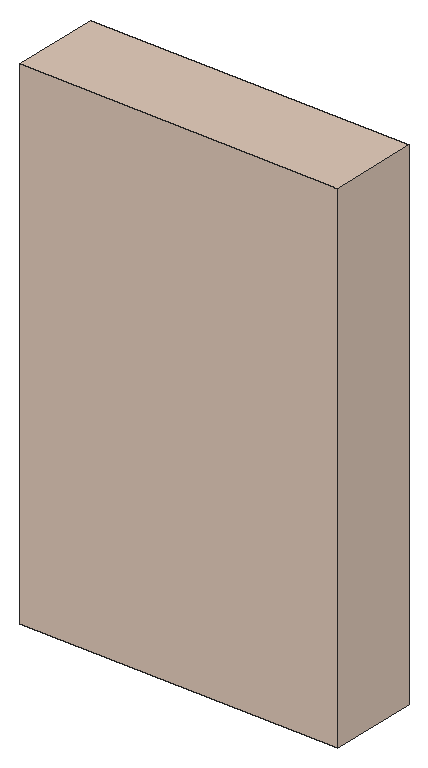
Revit family "Niche_NobleCompany_301_314", category Generic Models, host Wall, Revit 2017
Family settings
  Host = Wall
  Can host rebar = No
  Round Connector Dimension = Use Diameter
  Part Type = Normal
  Always vertical = Yes
  Cut with Voids When Loaded = No
  Shared = No
  Room Calculation Point = No
Parameters (values of type "314 Rectangular")
  Width = 1' - 2 1/4"
  URL = "www.noblecompany.com"
  Thickness = 0' - 1 1/4"
  Specification = ""
  Sales Information = "http://noblecompany.com/contact/"
  Revision = "R1_09-2016"
  Product Properties = "http://noblecompany.com/products/noble-niches"
  Product Data = "http://www.arcat.com/arcatcos/cos34/arc34489.html"
  Niche Material = Acrylic Polymer Finish
  Model = "314"
  Manufacturer Website = "www.noblecompany.com"
  Manufacturer Phone - Toll Free = "800-878-5788"
  Manufacturer Phone = "231-799-8000"
  Manufacturer Fax = "231-799-8850"
  Manufacturer Address = "P. O. Box 350, Grand Haven, MI 49417-0350"
  Manufacturer = "Noble Company"
  Keynote = "10 28 00"
  Installation-Fabrication = "http://noblecompany.com/storage/docs/resources/NN062016-13_Noble_Niche_Installation_Instruction.pdf"
  Instal Height [instance] = 5' - 0"
  Height = 1' - 10 1/2"
  Drawn By = "Sumex Design - Robert S Weygant"
  Description = "314 Rectangular NIche"
  Depth = 0' - 4"
  Copyright = "� 2016 ARCAT Inc."
  Construction Details = ""
  Assembly Code = "D2010700"
Types (2): name | Thickness | Model | Height | Description
  301 Square | 0' - 1 1/8" | "301" | 1' - 2 1/4" | "301 Square Niche"
  314 Rectangular | 0' - 1 1/4" | "314" | 1' - 10 1/2" | "314 Rectangular NIche"
Reference planes (in)
  plane 1: y = 0
  plane 2 "Center (Left/Right)": x = 0
  plane 3 "Wall Edge": y = 3
  plane 4: x = -7.125
  plane 5: y = 3.125
  plane 6: y = -0.875
  plane 7: x = 7.125
  plane 8: z = 60
  plane 9: z = 37.5
  plane 10: x = -6
  plane 11: x = 6
  plane 12: y = -0.375
  plane 13: z = 38.75
  plane 14: z = 58.75
Forms (in)
  Extrusion 1, void
    sketch origin (0, 0, 0) x (1, 0, 0) y (0, 1, 0)
      loop
        line (-7.125, 3.125) -> (-7.125, -0.875) -> (7.125, -0.875) -> (7.125, 3.125) -> (-7.125, 3.125)
    from 37.5 to 60
  Extrusion 2, solid, material "Acrylic Polymer Finish" <- "Niche Material"
    sketch origin (0, 0, 0) x (1, 0, 0) y (0, 1, 0)
      loop
        line (-7.125, 3.125) -> (-7.125, -0.875) -> (7.125, -0.875) -> (7.125, 3.125) -> (-7.125, 3.125)
    from 37.5 to 60
  Extrusion 3, void
    sketch origin (0, 3, 0) x (1, 0, 0) y (0, 0, 1)
      loop
        line (6, 58.75) -> (-6, 58.75) -> (-6, 38.75) -> (6, 38.75) -> (6, 58.75)
    from -0.125 to 3.375
Cuts and joins
  Extrusion 3 cuts Extrusion 2
Text (in)
  text "Placement Side" at (0, 40.15149, 123.01588), in view "Right"
  text "Placement Side" at (-105.78919, 39.84311, 0), in view "Ref. Level"
  text "Placement Side" at (0, 81.62555, 140.59947), in view "Left"
Dimensions and locks (in)
  locked: plane 3 "Wall Edge" to host wall
  equal spacing: plane 4, plane 2 "Center (Left/Right)", plane 7
  "Width": plane 4 to plane 7
  "Depth": plane 5 to plane 6
  locked: plane 5 to plane 3 "Wall Edge" at 0.125
  "Height": plane 9 to plane 8
  "Instal Height": level to plane 8
  locked: plane 12 to plane 6 at 0.5
  locked: plane 4 to plane 10 at 1.125
  locked: plane 11 to plane 7 at 1.125
  "Thickness": plane 14 to plane 8
  "Thickness": plane 9 to plane 13
  aligned and locked: Extrusion 1 sketch curve to plane 5
  aligned and locked: plane 4 to Extrusion 1 sketch curve
  aligned and locked: plane 6 to Extrusion 1 sketch curve
  aligned and locked: plane 7 to Extrusion 1 sketch curve
  aligned and locked: plane 8 to Extrusion 1
  aligned and locked: Extrusion 1 to plane 9
  aligned and locked: Extrusion 2 sketch curve to plane 5
  aligned and locked: plane 4 to Extrusion 2 sketch curve
  aligned and locked: plane 6 to Extrusion 2 sketch curve
  aligned and locked: plane 7 to Extrusion 2 sketch curve
  aligned and locked: plane 8 to Extrusion 2
  aligned and locked: Extrusion 2 to plane 9
  aligned and locked: plane 14 to Extrusion 3 sketch curve
  aligned and locked: plane 11 to Extrusion 3 sketch curve
  aligned and locked: plane 10 to Extrusion 3 sketch curve
  aligned and locked: Extrusion 3 to plane 12
  aligned and locked: plane 5 to Extrusion 3
  aligned and locked: Extrusion 3 sketch curve to plane 13
